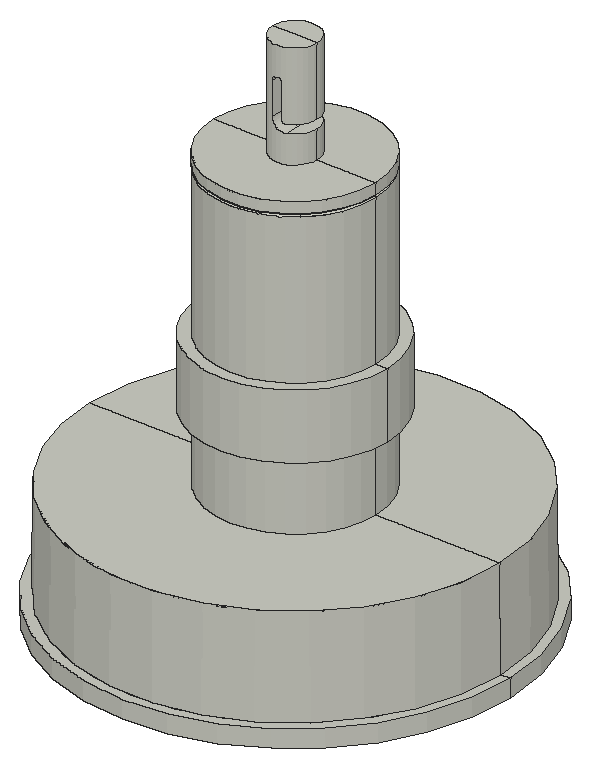
Revit family "Landscape-Forms_Arne-S_Catenary-Light", category Lighting Fixtures, Revit 2019
Family settings
  Round Connector Dimension = Use Diameter
  Part Type = Normal
  OmniClass Number = 23.80.70.14.21
  OmniClass Title = Street and Roadway Lighting
  Work Plane-Based = No
  Always vertical = Yes
  Cut with Voids When Loaded = No
  Light Source = Yes
  Shared = No
  Room Calculation Point = No
Parameters
  Wattage = 15.0005 W
  built-in parameter 1150110 = 1 (stored number, unit not read)
  URL = "https://www.landscapeforms.com/en-US/product/Pages/Arne-S-Lighting.aspx"
  built-in parameter 1114217 = 1 (stored number, unit not read)
  Tilt Angle = 90.00°  # constant formula
  built-in parameter 1150109 = 1 (stored number, unit not read)
  built-in parameter 1150134 = 12
  TWIST-LOCK [instance] = no
  built-in parameter 1150113 = 1 (stored number, unit not read)
  Photometric Web File = "LF_Arne-S_ARPS8B2WF.ies"
  Model = ""
  Manufacturer = "Landscape Forms"
  built-in parameter 1150105 = 114.03 (stored number, unit not read)
  Lumens = 1433 lm
  built-in parameter 1150115 = 1 (stored number, unit not read)
  Load Classification = Lighting - Exterior
  built-in parameter 1150137 = (empty or 0)
  built-in parameter 1150139 = (empty or 0)
  built-in parameter 1150112 = 1 (stored number, unit not read)
  built-in parameter 1150114 = 1 (stored number, unit not read)
  built-in parameter 1150132 = 2
  built-in parameter 1150102 = (empty or 0)
  built-in parameter 1150107 = 4000 (stored number, unit not read)
  built-in parameter 1150138 = (empty or 0)
  built-in parameter 1150106 = 1.1403 (stored number, unit not read)
  Emit from Circle Diameter = 0' - 7 3/16"  # constant formula
  Emit Shape Visible in Rendering = yes
  built-in parameter 1150104 = 8.875 (stored number, unit not read)
  Dimming Lamp Color Temperature Shift = (empty or 0)
  Diffuser Lens [instance] = LANDSCAPE FORMS - DIFFUSER - ILLUMINATED - LED
  Description = "Arne S Catenary Light"
  Voltage = 120 V
  Number of Poles = 1
  Color Filter = 16777215
  built-in parameter 1114218 = 1 (stored number, unit not read)
  built-in parameter 1150133 = 10 (stored number, unit not read)
  Assembly Code = "D5020280"
  Height [instance] = 3' - 0"
  Lamp = "PCB LED - Cree XPG2"
  Luminaire Powdercoat [instance] = LANDSCAPE FORMS - POWDERCOAT METAL - METALLIC (ALUMINUM SILVER)
  Wattage Comments = "15"
  Apparent Load = 39.8 VA  # constant formula
Reference planes (in)
  plane 1 "Light Source Axis FB": y = 0
  plane 2: z = 0
  plane 3 "POLE": x = 0
  plane 4: z = 2.80866
  plane 5: z = 36
Forms (in)
  Revolve 1, solid, material "LANDSCAPE FORMS - POWDERCOAT METAL - METALLIC (ALUMINUM SILVER)" <- "Luminaire Powdercoat"
    sketch origin (-67.10884, 0, 20.25024) x (0.866025, 0, -0.5) y (0.5, 0, 0.866025)
      loop
        line (54.19998, 40.34057) -> (49.89964, 47.78897) -> (49.49195, 47.55359) -> (50.59409, 45.64464) -> (49.52055, 45.02484) -> (49.63191, 44.82802) -> (49.67192, 44.81673) -> (49.66099, 44.77662) -> (51.23093, 42.05739) -> (51.02053, 41.93592) -> (51.71054, 40.74079) -> (51.92094, 40.86227) -> (52.6541, 39.59239) -> (50.39331, 38.28712) -> (51.42436, 36.46475) -> (51.24632, 36.36196) -> (51.43382, 36.0372) -> (51.54208, 36.0997) -> (51.47871, 36.20945) -> (51.65487, 36.31116) -> (50.56312, 38.24083) -> (54.19998, 40.34057)
      axis (55.37185, 38.31082) -> (49.89964, 47.78897)
    angle from 0 to 360
  Revolve 2, solid, material "LANDSCAPE FORMS - POWDERCOAT METAL - METALLIC (ALUMINUM SILVER)" <- "Luminaire Powdercoat"
    sketch origin (-67.10884, 0, 20.25024) x (0.866025, 0, -0.5) y (0.5, 0, 0.866025)
      loop
        line (51.54208, 36.0997) -> (52.1916, 36.4747) -> (52.12823, 36.58445) -> (51.47871, 36.20945) -> (51.54208, 36.0997)
      axis (55.37185, 38.31082) -> (55.30849, 38.42057)
    angle from 0 to 360
  Revolve 3, solid, material "LANDSCAPE FORMS - DIFFUSER - ILLUMINATED - LED" <- "Diffuser Lens"
    sketch origin (-67.10884, 0, 20.25024) x (0.866025, 0, -0.5) y (0.5, 0, 0.866025)
      loop
        line (52.1916, 36.4747) -> (55.37185, 38.31082) -> (55.30849, 38.42057) -> (52.12823, 36.58445) -> (52.1916, 36.4747)
      axis (55.37185, 38.31082) -> (55.30849, 38.42057)
    angle from 0 to 360
  Extrusion 4, void
    sketch origin (0, 0, 0) x (1, 0, 0) y (0, 0, 1)
      loop
        line (-0.09375, 36) -> (-0.09375, 35.31228)
        arc (-0.09375, 35.31228) -> (-0.02053, 35.1355) -> (0.15625, 35.06228) r 0.25
        line (0.15625, 35.06228) -> (0.69007, 35.06228) -> (0.69007, 35.24978) -> (0.15625, 35.24978)
        arc (0.15625, 35.24978) -> (0.11206, 35.26808) -> (0.09375, 35.31228) r 0.0625
        line (0.09375, 35.31228) -> (0.09375, 36)
        arc (0.09375, 36) -> (0, 36.09375) -> (-0.09375, 36) r 0.09375
    from 1 to -1
Cuts and joins
  Extrusion 4 cuts Revolve 1
Lines and regions (in)
  reference lines
    curve 1: line (-4.54724, 0, 25.74245) -> (-4.54724, 0, 34.48261)
    curve 2: line (-4.54724, 0, 25.74245) -> (4.54724, 0, 25.74245)
    curve 3: line (0, 0, 25.74245) -> (0, 0, 34.48261)
    curve 4: line (-4.54724, 0, 34.48261) -> (4.54724, 0, 34.48261)
    curve 5: line (4.54724, 0, 25.74245) -> (4.54724, 0, 34.48261)
    curve 6: line (-4.54724, 0, 26.11745) -> (4.54724, 0, 26.11745)
    curve 7: line (-4.54724, 0, 28.2112) -> (4.54724, 0, 28.2112)
    curve 8: line (-4.54724, 0, 25.92995) -> (4.54724, 0, 25.92995)
    curve 9: line (-4.54724, 0, 29.67753) -> (4.54724, 0, 29.67753)
    curve 10: line (-4.54724, 0, 31.05754) -> (4.54724, 0, 31.05754)
Dimensions and locks (in)
  locked: plane 2 to level
  locked: imposter light to plane 1 "Light Source Axis FB"
  curve 2 to curve 8 to curve 6 to curve 7 to curve 9 to curve 10 to curve 4 = 0' - 0 3/16" locked, 0' - 0 3/16" locked, 0' - 2 3/32" locked, 0' - 1.46632" locked, 0' - 1.38001" locked, 0' - 3.42507" locked
  curve 5 to curve 3 to curve 1 = 0' - 4.54724" locked, 0' - 4.54724" locked
  locked: curve 2 to Revolve 1 sketch curve at 0.12673
  locked: Revolve 1 sketch curve to curve 4 at 2.20427
  Extrusion 4 sketch curve to Extrusion 4 sketch curve to Extrusion 4 sketch curve to curve 4 = 0' - 0.75022" locked, 0' - 0 3/16" locked, 0' - 0.57966" locked
  locked: curve 2 to imposter light at 0.01562
  locked: plane 5 to curve 4 at 1.51739
  "Height": plane 5 to plane 2
  locked: plane 3 "POLE" to imposter light at 0
Automatic sketch dimensions
  curve 3 to plane 3 "POLE" = 0' - 0"
  Revolve 1 sketch curve to plane 3 "POLE" = 0' - 0"  (x3)
  Revolve 1 sketch curve to Revolve 1 sketch curve = 0' - 0.22772"
  Revolve 1 sketch curve to Revolve 1 sketch curve = 0' - 0.01094"
  Revolve 1 sketch curve to Revolve 1 sketch curve = 0' - 0.04002"
  Revolve 1 sketch curve to Revolve 1 sketch curve = 0' - 0.11135"
  Revolve 1 sketch curve to Revolve 1 sketch curve = 0' - 0.40769"  (x2)
  Revolve 1 sketch curve to Revolve 1 sketch curve = 0' - 0.73232"
  Revolve 1 sketch curve to Revolve 1 sketch curve = 0' - 0.16981"
  Revolve 1 sketch curve to Revolve 1 sketch curve = 0' - 0.92216"
  Revolve 1 sketch curve to Revolve 1 sketch curve = 0' - 1.35955"
  Revolve 1 sketch curve to Revolve 1 sketch curve = 0' - 0.2104"  (x2)
  Revolve 1 sketch curve to Revolve 1 sketch curve = 0' - 0.6832"
  Revolve 1 sketch curve to Revolve 1 sketch curve = 0' - 0.17804"
  Revolve 1 sketch curve to Revolve 1 sketch curve = 0' - 0 3/16"
  Revolve 1 sketch curve to Revolve 1 sketch curve = 0' - 0.04489"
  Revolve 1 sketch curve to Revolve 1 sketch curve = 0' - 0.10825"
  Revolve 1 sketch curve to Revolve 1 sketch curve = 0' - 0.17616"
  Revolve 1 sketch curve to Revolve 1 sketch curve = 0' - 0.69001"
  Revolve 1 sketch curve to Revolve 1 sketch curve = 0' - 0.73316"
  Revolve 1 sketch curve to Revolve 1 sketch curve = 0' - 1.54587"
  Revolve 1 sketch curve to Revolve 1 sketch curve = 0' - 0.0463"
  Revolve 1 sketch curve to Revolve 1 sketch curve = 0' - 0.74817"
  Revolve 1 sketch curve to Revolve 1 sketch curve = 0' - 1.19513"
  Revolve 1 sketch curve to Revolve 1 sketch curve = 0' - 0.12147"
  Revolve 1 sketch curve to Revolve 1 sketch curve = 0' - 0.04011"
  Revolve 1 sketch curve to Revolve 1 sketch curve = 0' - 0.01129"
  Revolve 1 sketch curve to Revolve 1 sketch curve = 0' - 1 11/64"
  Revolve 2 sketch curve to plane 3 "POLE" = 0' - 0"  (x2)
  Revolve 2 sketch curve to plane 3 "POLE" = 0' - 4.42224"
  plane 5 to Revolve 2 sketch curve = 0' - 10.13082"
  Revolve 2 sketch curve to Revolve 2 sketch curve = 0' - 0.06337"
  Revolve 2 sketch curve to Revolve 2 sketch curve = 0' - 0.64952"
  Revolve 2 sketch curve to Revolve 2 sketch curve = 0' - 0.10975"
  Revolve 2 sketch curve to Revolve 2 sketch curve = 0' - 1.12646"
  Revolve 2 sketch curve to Revolve 2 sketch curve = 0' - 3.18026"
  Revolve 3 sketch curve to plane 3 "POLE" = 0' - 0"  (x4)
  Revolve 3 sketch curve to plane 3 "POLE" = 0' - 3.67224"
  plane 5 to Revolve 3 sketch curve = 0' - 10.13082"
  Revolve 3 sketch curve to Revolve 3 sketch curve = 0' - 0.06337"
  Revolve 3 sketch curve to Revolve 3 sketch curve = 0' - 4.30671"
  Revolve 3 sketch curve to Revolve 3 sketch curve = 0' - 0"
  Extrusion 4 sketch curve to Extrusion 4 sketch curve = 0' - 0"  (x2)
  Extrusion 4 sketch curve to plane 3 "POLE" = 0' - 0"
  Extrusion 4 sketch curve to Extrusion 4 sketch curve = 0' - 0 1/16"
  Extrusion 4 sketch curve to Extrusion 4 sketch curve = 0' - 0.53382"
